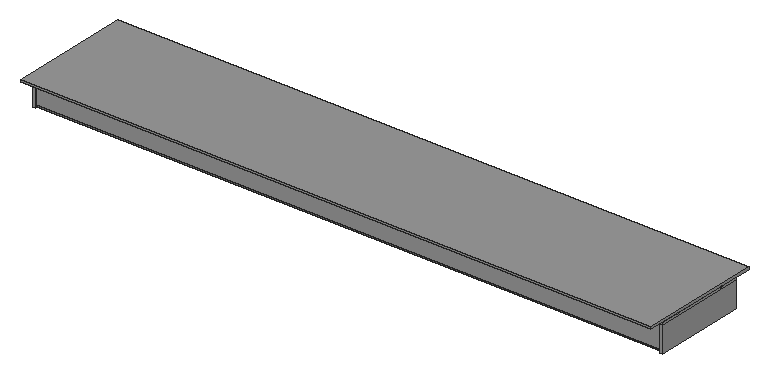
Revit family "Berica 2.2 M", category Lighting Fixtures, Revit 2020 (continued)
Definition of nested family "Light Source Berica 2.2"
  Types (4, lengths in mm): name | Photometric Web File | built-in parameter 1150142
      .32 1144.54 1155.22 1165.98 \r\n1177.74 1185.62 1193.21 1198.46 1202.11 1203.44 1202.16 \r\n1197.95 1190.89 1180.89 1166.60 1149.09 1127.25 1106.61 \r\n1079.37 1046.83 1012.03 973.74 932.93 890.15 849.88 \r\n806.62 767.17 722.92 687.81 649.88 618.21 585.31 558.15 \r\n531.46 507.69 488.89 470.90 455.97 442.76 432.24 421.12 \r\n411.60 402.89 395.55 388.28 382.48 376.72 372.56 367.69 \r\n364.98 361.32 359.45 356.20 354.57 352.95 350.24 347.82 \r\n345.15 342.90 339.32 336.70 333.68 330.84 328.04 327.49 \r\n328.04 330.84 333.68 336.70 339.32 342.90 345.15 347.82 \r\n350.24 352.95 354.57 356.20 359.45 361.32 364.98 367.69 \r\n372.56 376.72 382.48 388.28 395.55 402.89 411.60 421.12 \r\n432.24 442.76 455.97 470.90 488.89 507.69 531.46 558.15 \r\n585.31 618.21 649.88 687.81 722.92 767.17 806.62 849.88 \r\n890.15 932.93 973.74 1012.03 1046.83 1079.37 1106.61 \r\n1127.25 1149.09 1166.60 1180.89 1190.89 1197.95 1202.16 \r\n1203.44 1202.11 1198.46 1193.21 1185.62 1177.74 1165.98 \r\n1155.22 1144.54 1132.32 1120.14 1106.48 1093.89 1080.70 \r\n1068.54 1054.79 1042.44 1029.33 1016.99 1005.23 995.07 \r\n986.00 977.56 970.67 964.06 959.06 953.88 949.50 945.64 \r\n943.28 940.49 938.10 935.64 934.29 933.51 933.48 \r\n933.48 933.31 934.23 935.27 937.66 939.45 941.72 944.26 \r\n947.78 951.40 955.81 960.44 965.99 973.05 980.30 988.38 \r\n998.42 1008.01 1019.64 1031.05 1042.23 1055.26 1066.96 \r\n1079.38 1091.39 1103.86 1116.49 1126.95 1137.49 1148.33 \r\n1160.36 1168.68 1177.00 1182.16 1186.68 1188.99 1189.52 \r\n1187.20 1182.71 1174.98 1163.00 1148.57 1129.99 1108.17 \r\n1086.30 1058.10 1025.83 991.36 952.09 909.32 869.99 \r\n828.15 789.81 746.99 708.39 673.28 636.17 603.94 575.30 \r\n545.47 520.17 496.03 477.10 460.80 445.80 433.32 421.57 \r\n410.31 400.20 392.04 384.38 377.76 371.75 365.81 361.54 \r\n356.98 353.98 350.49 347.99 345.15 342.73 340.29 338.41 \r\n335.33 332.17 329.11 325.97 322.72 319.75 317.24 316.42 \r\n317.24 319.75 322.72 325.97 329.11 332.17 335.33 338.41 \r\n340.29 342.73 345.15 347.99 350.49 353.98 356.98 361.54 \r\n365.81 371.75 377.76 384.38 392.04 400.20 410.31 421.57 \r\n433.32 445.80 460.80 477.10 496.03 520.17 545.47 575.30 \r\n603.94 636.17 673.28 708.39 746.99 789.81 828.15 869.99 \r\n909.32 952.09 991.36 1025.83 1058.10 1086.30 1108.17 \r\n1129.99 1148.57 1163.00 1174.98 1182.71 1187.20 1189.52 \r\n1188.99 1186.68 1182.16 1177.00 1168.68 1160.36 1148.33 \r\n1137.49 1126.95 1116.49 1103.86 1091.39 1079.38 1066.96 \r\n1055.26 1042.23 1031.05 1019.64 1008.01 998.42 988.38 \r\n980.30 973.05 965.99 960.44 955.81 951.40 947.78 944.26 \r\n941.72 939.45 937.66 935.27 934.23 933.31 933.48 \r\n933.48 933.25 933.73 935.39 937.08 938.89 940.64 942.61 \r\n945.85 948.76 952.31 957.26 961.82 967.67 973.90 981.30 \r\n989.46 997.90 1007.90 1017.72 1028.57 1038.86 1050.64 \r\n1060.64 1072.60 1083.06 1094.34 1105.63 1116.09 1125.41 \r\n1137.79 1146.64 1154.18 1160.29 1165.38 1169.12 1171.36 \r\n1171.13 1168.77 1163.25 1155.00 1142.86 1129.16 1110.18 \r\n1088.76 1064.28 1038.77 1008.44 970.59 935.12 894.53 \r\n855.56 812.10 772.54 734.89 698.94 660.64 626.73 593.68 \r\n564.00 535.33 510.84 486.59 467.13 449.94 435.53 422.33 \r\n408.98 399.35 388.61 380.58 371.65 365.29 358.87 353.70 \r\n348.45 344.35 340.05 337.05 334.16 331.22 328.55 325.95 \r\n323.30 319.75 316.41 312.81 309.93 306.18 303.89 302.62 \r\n303.89 306.18 309.93 312.81 316.41 319.75 323.30 325.95 \r\n328.55 331.22 334.16 337.05 340.05 344.35 348.45 353.70 \r\n358.87 365.29 371.65 380.58 388.61 399.35 408.98 422.33 \r\n435.53 449.94 467.13 486.59 510.84 535.33 564.00 593.68 \r\n626.73 660.64 698.94 734.89 772.54 812.10 855.56 894.53 \r\n935.12 970.59 1008.44 1038.77 1064.28 1088.76 1110.18 \r\n1129.16 1142.86 1155.00 1163.25 1168.77 1171.13 1171.36 \r\n1169.12 1165.38 1160.29 1154.18 1146.64 1137.79 1125.41 \r\n1116.09 1105.63 1094.34 1083.06 1072.60 1060.64 1050.64 \r\n1038.86 1028.57 1017.72 1007.90 997.90 989.46 981.30 \r\n973.90 967.67 961.82 957.26 952.31 948.76 945.85 942.61 \r\n940.64 938.89 937.08 935.39 933.73 933.25 933.48 \r\n933.48 933.20 933.73 934.70 935.99 937.72 939.49 940.97 \r\n943.27 945.80 948.90 952.59 956.38 960.97 966.41 972.83 \r\n979.47 986.65 994.19 1003.21 1011.49 1020.76 1029.49 \r\n1039.49 1049.35 1059.16 1069.25 1079.34 1088.92 1097.48 \r\n1109.43 1118.03 1125.44 1132.06 1138.00 1142.51 1145.97 \r\n1147.43 1147.55 1145.55 1140.39 1132.61 1120.90 1107.14 \r\n1089.87 1068.69 1044.72 1018.19 989.00 955.34 920.34 \r\n881.26 842.18 802.91 764.80 725.20 690.19 654.75 619.84 \r\n586.87 558.22 529.24 503.80 480.32 458.18 440.53 424.90 \r\n411.45 398.09 386.76 376.31 367.44 358.88 351.45 345.02 \r\n338.81 333.40 328.82 324.50 320.93 317.61 314.74 311.61 \r\n308.27 304.92 301.24 297.73 294.22 290.89 288.04 287.13 \r\n288.04 290.89 294.22 297.73 301.24 304.92 308.27 311.61 \r\n314.74 317.61 320.93 324.50 328.82 333.40 338.81 345.02 \r\n351.45 358.88 367.44 376.31 386.76 398.09 411.45 424.90 \r\n440.53 458.18 480.32 503.80 529.24 558.22 586.87 619.84 \r\n654.75 690.19 725.20 764.80 802.91 842.18 881.26 920.34 \r\n955.34 989.00 1018.19 1044.72 1068.69 1089.87 1107.14 \r\n1120.90 1132.61 1140.39 1145.55 1147.55 1147.43 1145.97 \r\n1142.51 1138.00 1132.06 1125.44 1118.03 1109.43 1097.48 \r\n1088.92 1079.34 1069.25 1059.16 1049.35 1039.49 1029.49 \r\n1020.76 1011.49 1003.21 994.19 986.65 979.47 972.83 \r\n966.41 960.97 956.38 952.59 948.90 945.80 943.27 940.97 \r\n939.49 937.72 935.99 934.70 933.73 933.20 933.48 \r\n933.48 933.15 933.51 934.62 935.62 936.88 938.07 939.47 \r\n940.73 942.74 945.55 948.45 950.97 954.48 958.84 963.92 \r\n969.22 974.62 981.09 986.79 994.08 1000.41 1008.23 \r\n1016.67 1025.07 1032.86 1041.49 1049.74 1058.29 1066.75 \r\n1077.63 1084.83 1091.53 1098.47 1104.53 1109.71 1113.79 \r\n1117.18 1119.12 1118.96 1117.05 1112.07 1105.02 1095.54 \r\n1081.47 1064.33 1045.05 1022.88 996.45 971.14 937.59 \r\n904.15 867.28 830.34 790.16 756.01 716.95 683.29 647.13 \r\n613.87 581.48 550.93 523.38 496.35 472.57 450.90 430.02 \r\n414.36 399.62 386.33 374.02 361.86 351.97 342.94 335.20 \r\n327.51 321.61 316.11 310.77 306.04 302.49 298.39 295.10 \r\n291.32 287.60 283.97 279.94 276.48 273.16 270.06 268.72 \r\n270.06 273.16 276.48 279.94 283.97 287.60 291.32 295.10 \r\n298.39 302.49 306.04 310.77 316.11 321.61 327.51 335.20 \r\n342.94 351.97 361.86 374.02 386.33 399.62 414.36 430.02 \r\n450.90 472.57 496.35 523.38 550.93 581.48 613.87 647.13 \r\n683.29 716.95 756.01 790.16 830.34 867.28 904.15 937.59 \r\n971.14 996.45 1022.88 1045.05 1064.33 1081.47 1095.54 \r\n1105.02 1112.07 1117.05 1118.96 1119.12 1117.18 1113.79 \r\n1109.71 1104.53 1098.47 1091.53 1084.83 1077.63 1066.75 \r\n1058.29 1049.74 1041.49 1032.86 1025.07 1016.67 1008.23 \r\n1000.41 994.08 986.79 981.09 974.62 969.22 963.92 958.84 \r\n954.48 950.97 948.45 945.55 942.74 940.73 939.47 938.07 \r\n936.88 935.62 934.62 933.51 933.15 933.48 \r\n933.48 932.91 933.28 933.89 934.32 934.79 935.80 936.96 \r\n937.50 938.87 940.76 942.98 944.92 947.39 950.53 953.78 \r\n957.83 961.25 965.00 969.45 974.28 979.39 984.83 990.56 \r\n997.44 1003.76 1010.28 1017.18 1023.91 1030.44 1040.35 \r\n1046.76 1053.38 1059.36 1064.56 1069.90 1074.40 1077.75 \r\n1080.11 1081.17 1080.94 1078.67 1074.27 1068.31 1059.85 \r\n1047.40 1033.94 1018.02 996.40 974.03 947.74 917.89 \r\n885.47 851.82 817.36 783.39 745.64 710.73 676.30 642.11 \r\n607.98 575.18 544.48 517.63 490.26 465.95 442.17 421.57 \r\n403.54 386.45 371.53 358.94 346.64 335.19 325.60 316.35 \r\n308.92 301.63 295.43 290.41 285.01 280.39 276.48 272.07 \r\n268.38 264.36 260.31 256.51 252.59 249.79 248.35 249.79 \r\n252.59 256.51 260.31 264.36 268.38 272.07 276.48 280.39 \r\n285.01 290.41 295.43 301.63 308.92 316.35 325.60 335.19 \r\n346.64 358.94 371.53 386.45 403.54 421.57 442.17 465.95 \r\n490.26 517.63 544.48 575.18 607.98 642.11 676.30 710.73 \r\n745.64 783.39 817.36 851.82 885.47 917.89 947.74 974.03 \r\n996.40 1018.02 1033.94 1047.40 1059.85 1068.31 1074.27 \r\n1078.67 1080.94 1081.17 1080.11 1077.75 1074.40 1069.90 \r\n1064.56 1059.36 1053.38 1046.76 1040.35 1030.44 1023.91 \r\n1017.18 1010.28 1003.76 997.44 990.56 984.83 979.39 \r\n974.28 969.45 965.00 961.25 957.83 953.78 950.53 947.39 \r\n944.92 942.98 940.76 938.87 937.50 936.96 935.80 934.79 \r\n934.32 933.89 933.28 932.91 933.48 \r\n933.48 933.36 933.47 933.99 934.21 934.30 934.80 935.31 \r\n935.80 936.21 937.51 938.67 940.21 941.70 943.45 945.34 \r\n946.92 949.27 951.25 953.22 956.19 959.18 962.78 966.47 \r\n970.70 974.67 979.25 983.30 988.55 993.47 1001.89 1006.90 \r\n1011.90 1015.58 1019.39 1022.86 1026.47 1029.53 1031.87 \r\n1033.18 1033.23 1032.59 1030.59 1027.01 1021.68 1013.98 \r\n1004.29 992.27 977.48 959.15 939.42 917.47 889.40 862.03 \r\n828.13 799.09 763.78 731.76 698.25 665.02 629.66 598.83 \r\n566.46 535.90 509.11 480.73 456.74 432.15 410.91 388.61 \r\n371.73 354.38 341.51 327.25 315.59 304.74 295.20 286.38 \r\n278.66 272.02 265.79 259.62 254.78 250.79 246.27 242.38 \r\n237.88 234.02 230.02 226.86 225.99 226.86 230.02 234.02 \r\n237.88 242.38 246.27 250.79 254.78 259.62 265.79 272.02 \r\n278.66 286.38 295.20 304.74 315.59 327.25 341.51 354.38 \r\n371.73 388.61 410.91 432.15 456.74 480.73 509.11 535.90 \r\n566.46 598.83 629.66 665.02 698.25 731.76 763.78 799.09 \r\n828.13 862.03 889.40 917.47 939.42 959.15 977.48 992.27 \r\n1004.29 1013.98 1021.68 1027.01 1030.59 1032.59 1033.23 \r\n1033.18 1031.87 1029.53 1026.47 1022.86 1019.39 1015.58 \r\n1011.90 1006.90 1001.89 993.47 988.55 983.30 979.25 \r\n974.67 970.70 966.47 962.78 959.18 956.19 953.22 951.25 \r\n949.27 946.92 945.34 943.45 941.70 940.21 938.67 937.51 \r\n936.21 935.80 935.31 934.80 934.30 934.21 933.99 933.47 \r\n933.36 933.48 \r\n933.48 933.34 933.08 933.23 933.14 932.79 932.66 933.00 \r\n932.99 933.31 933.59 933.99 934.62 934.61 935.10 935.86 \r\n936.45 936.95 937.08 937.33 937.80 939.26 940.81 941.85 \r\n943.30 944.88 946.58 949.19 951.39 953.94 959.47 961.94 \r\n964.24 966.53 968.83 970.72 972.74 973.77 974.95 975.33 \r\n975.09 974.47 973.00 971.08 966.87 961.49 954.37 946.31 \r\n935.85 922.91 906.89 889.48 869.55 845.04 822.46 792.65 \r\n765.58 734.69 704.47 672.21 642.15 611.78 579.72 548.37 \r\n520.22 493.36 464.98 440.82 416.09 394.23 371.15 352.61 \r\n333.43 318.75 304.74 291.89 280.28 269.53 259.81 251.68 \r\n244.11 237.85 232.59 227.09 222.41 217.02 212.78 208.74 \r\n204.33 201.42 200.22 201.42 204.33 208.74 212.78 217.02 \r\n222.41 227.09 232.59 237.85 244.11 251.68 259.81 269.53 \r\n280.28 291.89 304.74 318.75 333.43 352.61 371.15 394.23 \r\n416.09 440.82 464.98 493.36 520.22 548.37 579.72 611.78 \r\n642.15 672.21 704.47 734.69 765.58 792.65 822.46 845.04 \r\n869.55 889.48 906.89 922.91 935.85 946.31 954.37 961.49 \r\n966.87 971.08 973.00 974.47 975.09 975.33 974.95 973.77 \r\n972.74 970.72 968.83 966.53 964.24 961.94 959.47 953.94 \r\n951.39 949.19 946.58 944.88 943.30 941.85 940.81 939.26 \r\n937.80 937.33 937.08 936.95 936.45 935.86 935.10 934.61 \r\n934.62 933.99 933.59 933.31 932.99 933.00 932.66 932.79 \r\n933.14 933.23 933.08 933.34 933.48 \r\n933.48 933.59 933.63 933.45 933.15 932.23 931.52 931.18 \r\n931.27 931.05 930.81 930.17 929.59 928.81 927.91 927.53 \r\n926.78 925.76 925.03 923.79 922.86 921.88 921.19 919.75 \r\n918.49 917.92 917.56 917.53 916.95 916.37 918.21 917.88 \r\n917.39 917.27 917.27 916.38 915.68 914.70 913.86 912.60 \r\n910.80 908.99 906.77 903.53 899.25 894.38 888.41 881.03 \r\n871.97 862.88 850.32 836.80 820.40 803.41 783.20 760.23 \r\n737.58 713.92 686.99 659.22 631.84 603.94 576.27 548.36 \r\n519.85 492.21 466.50 439.88 416.40 392.29 370.02 348.16 \r\n329.09 308.90 291.96 277.93 264.04 251.12 240.29 230.08 \r\n221.68 213.80 207.09 200.82 195.04 190.13 184.99 180.93 \r\n176.66 173.61 172.03 173.61 176.66 180.93 184.99 190.13 \r\n195.04 200.82 207.09 213.80 221.68 230.08 240.29 251.12 \r\n264.04 277.93 291.96 308.90 329.09 348.16 370.02 392.29 \r\n416.40 439.88 466.50 492.21 519.85 548.36 576.27 603.94 \r\n631.84 659.22 686.99 713.92 737.58 760.23 783.20 803.41 \r\n820.40 836.80 850.32 862.88 871.97 881.03 888.41 894.38 \r\n899.25 903.53 906.77 908.99 910.80 912.60 913.86 914.70 \r\n915.68 916.38 917.27 917.27 917.39 917.88 918.21 916.37 \r\n916.95 917.53 917.56 917.92 918.49 919.75 921.19 921.88 \r\n922.86 923.79 925.03 925.76 926.78 927.53 927.91 928.81 \r\n929.59 930.17 930.81 931.05 931.27 931.18 931.52 932.23 \r\n933.15 933.45 933.63 933.59 933.48 \r\n933.48 933.17 933.08 932.77 932.01 931.05 929.77 928.93 \r\n927.89 927.62 927.07 925.82 924.29 922.70 920.60 919.15 \r\n917.84 915.71 913.54 911.07 908.11 905.49 903.07 900.07 \r\n897.18 894.01 890.62 887.72 884.02 880.40 879.46 876.20 \r\n872.91 869.80 866.15 862.85 859.25 855.82 852.05 848.02 \r\n844.52 839.92 835.01 829.89 823.80 817.87 811.57 804.04 \r\n795.32 785.26 773.97 761.76 748.47 733.50 718.87 700.40 \r\n682.23 661.81 641.08 619.97 595.48 572.06 547.80 521.91 \r\n498.40 475.36 449.58 425.65 401.67 379.92 356.40 336.07 \r\n315.04 296.56 278.23 261.47 246.12 230.99 217.65 207.53 \r\n197.15 187.73 179.97 172.71 167.34 161.00 155.66 150.77 \r\n146.78 143.58 142.41 143.58 146.78 150.77 155.66 161.00 \r\n167.34 172.71 179.97 187.73 197.15 207.53 217.65 230.99 \r\n246.12 261.47 278.23 296.56 315.04 336.07 356.40 379.92 \r\n401.67 425.65 449.58 475.36 498.40 521.91 547.80 572.06 \r\n595.48 619.97 641.08 661.81 682.23 700.40 718.87 733.50 \r\n748.47 761.76 773.97 785.26 795.32 804.04 811.57 817.87 \r\n823.80 829.89 835.01 839.92 844.52 848.02 852.05 855.82 \r\n859.25 862.85 866.15 869.80 872.91 876.20 879.46 880.40 \r\n884.02 887.72 890.62 894.01 897.18 900.07 903.07 905.49 \r\n908.11 911.07 913.54 915.71 917.84 919.15 920.60 922.70 \r\n924.29 925.82 927.07 927.62 927.89 928.93 929.77 931.05 \r\n932.01 932.77 933.08 933.17 933.48 \r\n933.48 933.25 933.61 933.33 932.26 930.60 928.93 927.79 \r\n926.56 925.50 923.91 922.46 920.47 918.12 915.39 912.57 \r\n910.43 907.68 904.24 900.68 896.49 891.87 887.78 882.84 \r\n878.26 873.95 868.50 863.63 857.20 851.61 847.97 841.62 \r\n836.06 829.79 823.71 817.60 811.15 804.20 797.40 789.55 \r\n782.13 774.37 766.33 758.60 750.69 741.40 732.69 722.90 \r\n712.51 701.60 689.43 677.95 664.36 650.02 635.29 619.95 \r\n603.35 587.64 569.00 551.30 531.82 511.39 492.27 471.49 \r\n451.04 430.85 409.55 389.67 369.23 348.13 328.37 308.41 \r\n290.13 272.51 254.98 238.87 223.53 208.01 195.02 182.11 \r\n171.22 160.80 152.26 144.39 137.55 130.78 124.59 119.63 \r\n115.15 111.89 111.07 111.89 115.15 119.63 124.59 130.78 \r\n137.55 144.39 152.26 160.80 171.22 182.11 195.02 208.01 \r\n223.53 238.87 254.98 272.51 290.13 308.41 328.37 348.13 \r\n369.23 389.67 409.55 430.85 451.04 471.49 492.27 511.39 \r\n531.82 551.30 569.00 587.64 603.35 619.95 635.29 650.02 \r\n664.36 677.95 689.43 701.60 712.51 722.90 732.69 741.40 \r\n750.69 758.60 766.33 774.37 782.13 789.55 797.40 804.20 \r\n811.15 817.60 823.71 829.79 836.06 841.62 847.97 851.61 \r\n857.20 863.63 868.50 873.95 878.26 882.84 887.78 891.87 \r\n896.49 900.68 904.24 907.68 910.43 912.57 915.39 918.12 \r\n920.47 922.46 923.91 925.50 926.56 927.79 928.93 930.60 \r\n932.26 933.33 933.61 933.25 933.48 \r\n933.48 933.22 933.10 932.48 931.76 929.71 927.63 926.01 \r\n924.18 922.60 920.40 918.65 916.16 913.24 909.36 906.31 \r\n903.27 899.57 895.85 891.33 886.71 880.95 875.46 869.88 \r\n863.81 857.41 850.85 843.99 836.02 828.25 822.27 814.99 \r\n807.02 798.33 789.84 782.03 772.25 763.38 753.14 743.00 \r\n732.39 721.15 709.73 698.94 687.26 675.18 664.20 650.24 \r\n638.55 624.53 610.78 596.24 582.35 566.48 552.06 535.73 \r\n520.82 504.37 488.02 470.83 454.04 437.53 419.74 401.68 \r\n383.78 366.69 349.71 332.95 316.22 299.60 282.59 266.76 \r\n251.58 235.87 220.90 205.98 192.89 178.61 166.63 154.33 \r\n144.01 133.67 124.22 115.73 108.07 100.48 94.47 88.36 \r\n83.34 80.20 78.80 80.20 83.34 88.36 94.47 100.48 108.07 \r\n115.73 124.22 133.67 144.01 154.33 166.63 178.61 192.89 \r\n205.98 220.90 235.87 251.58 266.76 282.59 299.60 316.22 \r\n332.95 349.71 366.69 383.78 401.68 419.74 437.53 454.04 \r\n470.83 488.02 504.37 520.82 535.73 552.06 566.48 582.35 \r\n596.24 610.78 624.53 638.55 650.24 664.20 675.18 687.26 \r\n698.94 709.73 721.15 732.39 743.00 753.14 763.38 772.25 \r\n782.03 789.84 798.33 807.02 814.99 822.27 828.25 836.02 \r\n843.99 850.85 857.41 863.81 869.88 875.46 880.95 886.71 \r\n891.33 895.85 899.57 903.27 906.31 909.36 913.24 916.16 \r\n918.65 920.40 922.60 924.18 926.01 927.63 929.71 931.76 \r\n932.48 933.10 933.22 933.48 \r\n933.48 933.31 933.37 933.14 931.84 929.86 927.51 925.34 \r\n923.18 92
